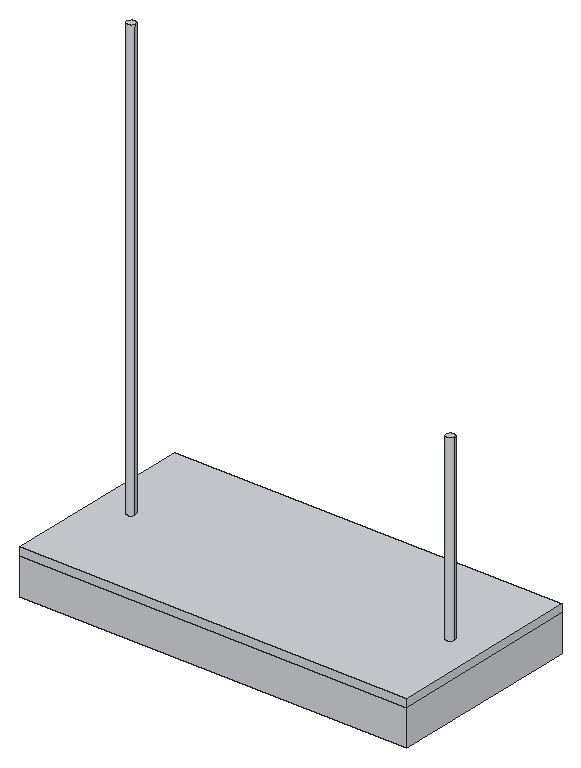
Revit family
Parameters
  Wattage = 12.1178 W
  built-in parameter 1150110 = 1 (stored number, unit not read)
  built-in parameter 1114217 = 1 (stored number, unit not read)
  built-in parameter 1150109 = 1 (stored number, unit not read)
  built-in parameter 1150134 = (empty or 0)
  built-in parameter 1150113 = 1 (stored number, unit not read)
  Lumens = 1800 lm
  built-in parameter 1150115 = 1 (stored number, unit not read)
  built-in parameter 1150105 = 572.96 (stored number, unit not read)
  Load Classification = Lighting - Dwelling Unit
  Light Source Symbol Size = 2' - 0"
  built-in parameter 1150137 = (empty or 0)
  built-in parameter 1150139 = (empty or 0)
  Light Box Material = none
  built-in parameter 1150112 = 1 (stored number, unit not read)
  built-in parameter 1150114 = 1 (stored number, unit not read)
  built-in parameter 1150132 = 2
  built-in parameter 1150102 = (empty or 0)
  built-in parameter 1150138 = (empty or 0)
  built-in parameter 1150107 = 3000 (stored number, unit not read)
  built-in parameter 1150106 = 5.7296 (stored number, unit not read)
  Grid Material = none
  Emit from Rectangle Width = 2' - 0"
  Emit from Rectangle Length = 4' - 0"
  Emit Shape Visible in Rendering = no
  built-in parameter 1150104 = 13.8 (stored number, unit not read)
  Dimming Lamp Color Temperature Shift = (empty or 0)
  Diffuser Material = none
  Color Filter = 16777215
  Chain2 [instance] = 5' - 0"
  Chain1 [instance] = 2' - 4"
  Ballast Voltage = 120 V
  Ballast Number of Poles = 1
  built-in parameter 1114218 = 1 (stored number, unit not read)
  built-in parameter 1150133 = 10 (stored number, unit not read)
Reference planes (in)
  plane 1 "Light Source Axis (F/B)": y = 0
  plane 2: z = 0
  plane 3 "Light Source Axis (L/R)": x = 0
  plane 4 "Light Source Elevation": z = 54
  plane 5 "Light Source Axis": y = 0
  plane 6 "Light Source Axis": x = 0
  plane 7: x = -24
  plane 8: x = 24
  plane 9: y = 12
  plane 10: y = -12
  plane 11: x = -15.25
  plane 12: x = -7.625
  plane 13: x = 0
  plane 14: x = 7.625
  plane 15: x = 15.25
  plane 16: y = 3.625
  plane 17: y = -3.625
  plane 18: y = 10.875
  plane 19: y = -10.875
  plane 20: x = -22.875
  plane 21: x = 22.875
  plane 22: x = -15.25
  plane 23: x = -7.625
  plane 24: x = 0
  plane 25: x = 7.625
  plane 26: x = 15.25
  plane 27: y = 3.625
  plane 28: y = -3.625
  plane 29: y = 10.875
  plane 30: y = -10.875
  plane 31: x = -22.875
  plane 32: x = 22.875
  plane 33: z = 114
  plane 34: z = 82
  plane 35: x = -19.8
  plane 36: x = 19.8
Forms (in)
  Extrusion 1, solid, material <- "Light Box Material"
    sketch origin (0, 0, 54) x (0, -1, 0) y (1, 0, 0)
      loop
        line (-12, -24) -> (12, -24) -> (12, 24) -> (-12, 24) -> (-12, -24)
      loop
        line (-11, -23) -> (11, -23) -> (11, 23) -> (-11, 23) -> (-11, -23)
    from 0 to 4.5
  Extrusion 2, solid, material <- "Light Box Material"
    sketch origin (0, 0, 54) x (0, -1, 0) y (1, 0, 0)
      loop
        line (-12, -24) -> (12, -24) -> (12, 24) -> (-12, 24) -> (-12, -24)
    from 4.5 to 5.5
  Extrusion 3, solid, material <- "Diffuser Material"
    sketch origin (0, 0, 54) x (0, -1, 0) y (1, 0, 0)
      loop
        line (-11, -23) -> (11, -23) -> (11, 23) -> (-11, 23) -> (-11, -23)
      loop
        line (-3.75, -22.75) -> (-3.75, -15.375) -> (-10.75, -15.375) -> (-10.75, -22.75) -> (-3.75, -22.75)
      loop
        line (3.5, -22.75) -> (3.5, -15.375) -> (-3.5, -15.375) -> (-3.5, -22.75) -> (3.5, -22.75)
      loop
        line (3.75, -22.75) -> (10.75, -22.75) -> (10.75, -15.375) -> (3.75, -15.375) -> (3.75, -22.75)
      loop
        line (-3.75, -15.125) -> (-3.75, -7.75) -> (-10.75, -7.75) -> (-10.75, -15.125) -> (-3.75, -15.125)
      loop
        line (3.5, -15.125) -> (3.5, -7.75) -> (-3.5, -7.75) -> (-3.5, -15.125) -> (3.5, -15.125)
      loop
        line (3.75, -15.125) -> (10.75, -15.125) -> (10.75, -7.75) -> (3.75, -7.75) -> (3.75, -15.125)
      loop
        line (-3.75, -7.5) -> (-3.75, -0.125) -> (-10.75, -0.125) -> (-10.75, -7.5) -> (-3.75, -7.5)
      loop
        line (3.5, -7.5) -> (3.5, -0.125) -> (-3.5, -0.125) -> (-3.5, -7.5) -> (3.5, -7.5)
      loop
        line (3.75, -7.5) -> (10.75, -7.5) -> (10.75, -0.125) -> (3.75, -0.125) -> (3.75, -7.5)
      loop
        line (-3.75, 0.125) -> (-3.75, 7.5) -> (-10.75, 7.5) -> (-10.75, 0.125) -> (-3.75, 0.125)
      loop
        line (3.5, 0.125) -> (3.5, 7.5) -> (-3.5, 7.5) -> (-3.5, 0.125) -> (3.5, 0.125)
      loop
        line (3.75, 0.125) -> (10.75, 0.125) -> (10.75, 7.5) -> (3.75, 7.5) -> (3.75, 0.125)
      loop
        line (-3.75, 7.75) -> (-3.75, 15.125) -> (-10.75, 15.125) -> (-10.75, 7.75) -> (-3.75, 7.75)
      loop
        line (3.5, 7.75) -> (3.5, 15.125) -> (-3.5, 15.125) -> (-3.5, 7.75) -> (3.5, 7.75)
      loop
        line (3.75, 7.75) -> (10.75, 7.75) -> (10.75, 15.125) -> (3.75, 15.125) -> (3.75, 7.75)
      loop
        line (-3.75, 15.375) -> (-3.75, 22.75) -> (-10.75, 22.75) -> (-10.75, 15.375) -> (-3.75, 15.375)
      loop
        line (3.5, 15.375) -> (3.5, 22.75) -> (-3.5, 22.75) -> (-3.5, 15.375) -> (3.5, 15.375)
      loop
        line (3.75, 15.375) -> (10.75, 15.375) -> (10.75, 22.75) -> (3.75, 22.75) -> (3.75, 15.375)
    from 0.125 to 2
  Extrusion 4, solid, material "Glass - White, High Luminance"
    sketch origin (0, 0, 54) x (0, -1, 0) y (1, 0, 0)
      loop
        line (-11, -23) -> (11, -23) -> (11, 23) -> (-11, 23) -> (-11, -23)
    from 3 to 3.25
  Extrusion 5, solid, material <- "Grid Material"
    sketch origin (0, 0, 54) x (0, -1, 0) y (1, 0, 0)
      loop
        line (-11, -23) -> (11, -23) -> (11, 23) -> (-11, 23) -> (-11, -23)
      loop
        line (-3.75, -22.75) -> (-3.75, -15.375) -> (-10.75, -15.375) -> (-10.75, -22.75) -> (-3.75, -22.75)
      loop
        line (3.5, -22.75) -> (3.5, -15.375) -> (-3.5, -15.375) -> (-3.5, -22.75) -> (3.5, -22.75)
      loop
        line (3.75, -22.75) -> (10.75, -22.75) -> (10.75, -15.375) -> (3.75, -15.375) -> (3.75, -22.75)
      loop
        line (-3.75, -15.125) -> (-3.75, -7.75) -> (-10.75, -7.75) -> (-10.75, -15.125) -> (-3.75, -15.125)
      loop
        line (3.5, -15.125) -> (3.5, -7.75) -> (-3.5, -7.75) -> (-3.5, -15.125) -> (3.5, -15.125)
      loop
        line (3.75, -15.125) -> (10.75, -15.125) -> (10.75, -7.75) -> (3.75, -7.75) -> (3.75, -15.125)
      loop
        line (-3.75, -7.5) -> (-3.75, -0.125) -> (-10.75, -0.125) -> (-10.75, -7.5) -> (-3.75, -7.5)
      loop
        line (3.5, -7.5) -> (3.5, -0.125) -> (-3.5, -0.125) -> (-3.5, -7.5) -> (3.5, -7.5)
      loop
        line (3.75, -7.5) -> (10.75, -7.5) -> (10.75, -0.125) -> (3.75, -0.125) -> (3.75, -7.5)
      loop
        line (-3.75, 0.125) -> (-3.75, 7.5) -> (-10.75, 7.5) -> (-10.75, 0.125) -> (-3.75, 0.125)
      loop
        line (3.5, 0.125) -> (3.5, 7.5) -> (-3.5, 7.5) -> (-3.5, 0.125) -> (3.5, 0.125)
      loop
        line (3.75, 0.125) -> (10.75, 0.125) -> (10.75, 7.5) -> (3.75, 7.5) -> (3.75, 0.125)
      loop
        line (-3.75, 7.75) -> (-3.75, 15.125) -> (-10.75, 15.125) -> (-10.75, 7.75) -> (-3.75, 7.75)
      loop
        line (3.5, 7.75) -> (3.5, 15.125) -> (-3.5, 15.125) -> (-3.5, 7.75) -> (3.5, 7.75)
      loop
        line (3.75, 7.75) -> (10.75, 7.75) -> (10.75, 15.125) -> (3.75, 15.125) -> (3.75, 7.75)
      loop
        line (-3.75, 15.375) -> (-3.75, 22.75) -> (-10.75, 22.75) -> (-10.75, 15.375) -> (-3.75, 15.375)
      loop
        line (3.5, 15.375) -> (3.5, 22.75) -> (-3.5, 22.75) -> (-3.5, 15.375) -> (3.5, 15.375)
      loop
        line (3.75, 15.375) -> (10.75, 15.375) -> (10.75, 22.75) -> (3.75, 22.75) -> (3.75, 15.375)
    from 0 to 0.125
  Extrusion 6, solid
    sketch origin (0, 0, 0) x (1, 0, 0) y (0, 1, 0)
      loop
        circle (-19.8, 0) r 0.5
    from 59.5 to 114
  Extrusion 7, solid
    sketch origin (39.6, 0, 0) x (1, 0, 0) y (0, 1, 0)
      loop
        circle (-19.8, 0) r 0.5
    from 59.5 to 82
Lines and regions (in)
  model lines
    curve 1: line (-23, 11, 54) -> (23, 11, 54)
    curve 2: line (-23, -11, 54) -> (-23, 11, 54)
    curve 3: line (23, -11, 54) -> (-23, -11, 54)
    curve 4: line (23, 11, 54) -> (23, -11, 54)
  symbolic lines
    curve 5: arc (7.2, 0, 0) -> (0, 7.2, 0) -> (-7.2, 0, 0) r 7.2
    curve 6: arc (-7.2, 0, 0) -> (0, -7.2, 0) -> (7.2, 0, 0) r 7.2
    curve 7: line (-23, -11, 0) -> (-6.49537, -3.10648, 0)
    curve 8: line (-6.49537, 3.10648, 0) -> (-23, 11, 0)
    curve 9: line (23, 11, 0) -> (6.49537, 3.10648, 0)
    curve 10: line (6.49537, -3.10648, 0) -> (23, -11, 0)
    curve 11: line (-23, 11, 0) -> (23, 11, 0)
    curve 12: line (23, 11, 0) -> (23, -11, 0)
    curve 13: line (23, -11, 0) -> (-23, -11, 0)
    curve 14: line (-23, -11, 0) -> (-23, 11, 0)
Dimensions and locks (in)
  equal spacing: plane 7, plane 6 "Light Source Axis", plane 8
  equal spacing: plane 10, plane 5 "Light Source Axis", plane 9
  locked: plane 7 to plane 8 at 48
  locked: plane 10 to plane 9 at 24
  locked: Extrusion 1 sketch curve to Extrusion 1 sketch curve at 1
  equal spacing: plane 18, plane 16, plane 17, plane 19
  equal spacing: plane 29, plane 27, plane 28, plane 30
  locked: plane 36 to plane 8 at 4.2
  locked: plane 7 to plane 35 at 4.2
  "Chain1": plane 34 to plane 4 "Light Source Elevation"
  "Chain2": plane 4 "Light Source Elevation" to plane 33
  aligned and locked: plane 3 "Light Source Axis (L/R)" to imposter light
  aligned and locked: plane 1 "Light Source Axis (F/B)" to imposter light
  aligned and locked: plane 4 "Light Source Elevation" to imposter light
  aligned and locked: level to plane 2
  aligned and locked: plane 33 to Extrusion 6
  aligned and locked: Extrusion 6 to Extrusion 2
  aligned and locked: plane 34 to Extrusion 7
  aligned and locked: Extrusion 7 to Extrusion 2
Automatic sketch dimensions
  curve 5 to curve 6 = 0' - 0"  (x2)
  plane 1 "Light Source Axis (F/B)" to curve 5 = 0' - 0"
  curve 6 to plane 3 "Light Source Axis (L/R)" = 0' - 0"
  plane 1 "Light Source Axis (F/B)" to curve 7 = 0' - 3.10648"
  curve 7 to plane 3 "Light Source Axis (L/R)" = 0' - 6.49537"
  curve 8 to plane 1 "Light Source Axis (F/B)" = 0' - 3.10648"
  curve 11 to plane 7 = 0' - 1"
  plane 1 "Light Source Axis (F/B)" to curve 10 = 0' - 3.10648"
  curve 9 to plane 1 "Light Source Axis (F/B)" = 0' - 3.10648"
  plane 8 to curve 10 = 0' - 1"
  curve 7 to plane 10 = 0' - 1"
  plane 9 to curve 11 = 0' - 1"
  Extrusion 1 sketch curve to plane 8 = 0' - 0"
  plane 9 to Extrusion 1 sketch curve = 0' - 0"
  plane 10 to Extrusion 1 sketch curve = 0' - 0"
  Extrusion 1 sketch curve to plane 7 = 0' - 0"
  Extrusion 1 sketch curve to plane 10 = 0' - 1"
  Extrusion 1 sketch curve to plane 7 = 0' - 1"
  plane 8 to Extrusion 1 sketch curve = 0' - 1"
  Extrusion 2 sketch curve to plane 8 = 0' - 0"
  plane 9 to Extrusion 2 sketch curve = 0' - 0"
  Extrusion 2 sketch curve to plane 7 = 0' - 0"
  plane 10 to Extrusion 2 sketch curve = 0' - 0"
  plane 18 to Extrusion 3 sketch curve = 0' - 0 1/8"
  Extrusion 3 sketch curve to plane 18 = 0' - 0 1/8"  (x6)
  Extrusion 3 sketch curve to plane 16 = 0' - 0 1/8"  (x6)
  plane 16 to Extrusion 3 sketch curve = 0' - 0 1/8"  (x6)
  Extrusion 3 sketch curve to plane 17 = 0' - 0 1/8"  (x6)
  plane 17 to Extrusion 3 sketch curve = 0' - 0 1/8"  (x6)
  plane 19 to Extrusion 3 sketch curve = 0' - 0 1/8"  (x6)
  Extrusion 3 sketch curve to plane 19 = 0' - 0 1/8"
  plane 20 to Extrusion 3 sketch curve = 0' - 0 1/8"
  Extrusion 3 sketch curve to plane 20 = 0' - 0 1/8"  (x3)
  plane 11 to Extrusion 3 sketch curve = 0' - 0 1/8"  (x3)
  Extrusion 3 sketch curve to plane 11 = 0' - 0 1/8"  (x3)
  plane 12 to Extrusion 3 sketch curve = 0' - 0 1/8"  (x3)
  Extrusion 3 sketch curve to plane 12 = 0' - 0 1/8"  (x3)
  Extrusion 3 sketch curve to plane 3 "Light Source Axis (L/R)" = 0' - 0 1/8"  (x3)
  plane 3 "Light Source Axis (L/R)" to Extrusion 3 sketch curve = 0' - 0 1/8"  (x3)
  plane 14 to Extrusion 3 sketch curve = 0' - 0 1/8"  (x3)
  Extrusion 3 sketch curve to plane 14 = 0' - 0 1/8"  (x3)
  plane 15 to Extrusion 3 sketch curve = 0' - 0 1/8"  (x3)
  Extrusion 3 sketch curve to plane 15 = 0' - 0 1/8"  (x3)
  plane 21 to Extrusion 3 sketch curve = 0' - 0 1/8"  (x3)
  Extrusion 3 sketch curve to plane 21 = 0' - 0 1/8"
  plane 9 to Extrusion 4 sketch curve = 0' - 1"
  Extrusion 4 sketch curve to plane 10 = 0' - 1"
  Extrusion 4 sketch curve to plane 7 = 0' - 1"
  plane 8 to Extrusion 4 sketch curve = 0' - 1"
  plane 29 to Extrusion 5 sketch curve = 0' - 0 1/8"
  Extrusion 5 sketch curve to plane 29 = 0' - 0 1/8"  (x6)
  Extrusion 5 sketch curve to plane 27 = 0' - 0 1/8"  (x6)
  plane 27 to Extrusion 5 sketch curve = 0' - 0 1/8"  (x6)
  Extrusion 5 sketch curve to plane 28 = 0' - 0 1/8"  (x6)
  plane 28 to Extrusion 5 sketch curve = 0' - 0 1/8"  (x6)
  plane 30 to Extrusion 5 sketch curve = 0' - 0 1/8"  (x6)
  Extrusion 5 sketch curve to plane 30 = 0' - 0 1/8"
  plane 31 to Extrusion 5 sketch curve = 0' - 0 1/8"
  Extrusion 5 sketch curve to plane 31 = 0' - 0 1/8"  (x3)
  plane 22 to Extrusion 5 sketch curve = 0' - 0 1/8"  (x3)
  Extrusion 5 sketch curve to plane 22 = 0' - 0 1/8"  (x3)
  plane 23 to Extrusion 5 sketch curve = 0' - 0 1/8"  (x3)
  Extrusion 5 sketch curve to plane 23 = 0' - 0 1/8"  (x3)
  Extrusion 5 sketch curve to plane 3 "Light Source Axis (L/R)" = 0' - 0 1/8"  (x3)
  plane 3 "Light Source Axis (L/R)" to Extrusion 5 sketch curve = 0' - 0 1/8"  (x3)
  plane 25 to Extrusion 5 sketch curve = 0' - 0 1/8"  (x3)
  Extrusion 5 sketch curve to plane 25 = 0' - 0 1/8"  (x3)
  plane 26 to Extrusion 5 sketch curve = 0' - 0 1/8"  (x3)
  Extrusion 5 sketch curve to plane 26 = 0' - 0 1/8"  (x3)
  plane 32 to Extrusion 5 sketch curve = 0' - 0 1/8"  (x3)
  Extrusion 5 sketch curve to plane 32 = 0' - 0 1/8"
  plane 9 to curve 1 = 0' - 1"
  curve 3 to plane 10 = 0' - 1"
  curve 3 to plane 7 = 0' - 1"
  plane 8 to curve 3 = 0' - 1"
  plane 1 "Light Source Axis (F/B)" to Extrusion 6 sketch curve = 0' - 0"
  Extrusion 6 sketch curve to plane 35 = 0' - 0"
  plane 1 "Light Source Axis (F/B)" to Extrusion 7 sketch curve = 0' - 0"
  Extrusion 7 sketch curve to plane 36 = 0' - 0"
  radius of Extrusion 6 sketch curve = 0' - 0 1/2"
  radius of Extrusion 7 sketch curve = 0' - 0 1/2"
